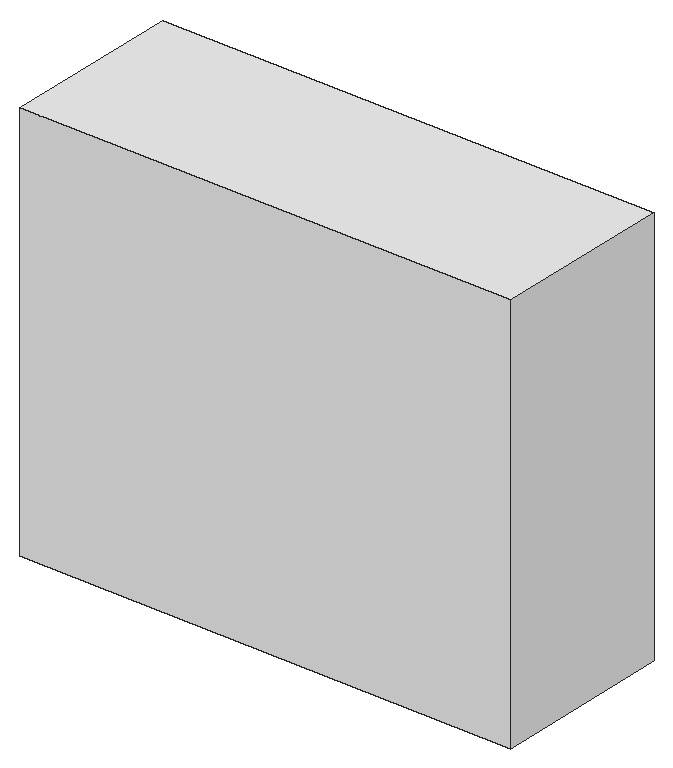
Revit family "Storage", category Furniture, Revit 2015
Parameters (values of type "110x40cm")
  Material [instance] = White
  Length = 1100 mm
  Depth = 400 mm
Reference planes
  plane 1 "Center (Front/Back)": y = -42.074
  plane 2: z = 0
  plane 3 "Center (Left/Right)": x = 0
  plane 4: z = 1100
Forms (mm)
  Extrusion 1, solid, material "White" <- "Material"
    sketch origin (0, 0, 0) x (1, 0, 0) y (0, 1, 0)
      loop
        line (-550, 157.926) -> (-550, -242.074) -> (550, -242.074) -> (550, 157.926) -> (-550, 157.926)
    from 0 to 900
Dimensions and locks
  equal spacing: Extrusion 1 sketch curve, plane 3 "Center (Left/Right)", Extrusion 1 sketch curve
  "Length": Extrusion 1 sketch curve to Extrusion 1 sketch curve
  "Depth": Extrusion 1 sketch curve to Extrusion 1 sketch curve
  equal spacing: Extrusion 1 sketch curve, plane 1 "Center (Front/Back)", Extrusion 1 sketch curve
